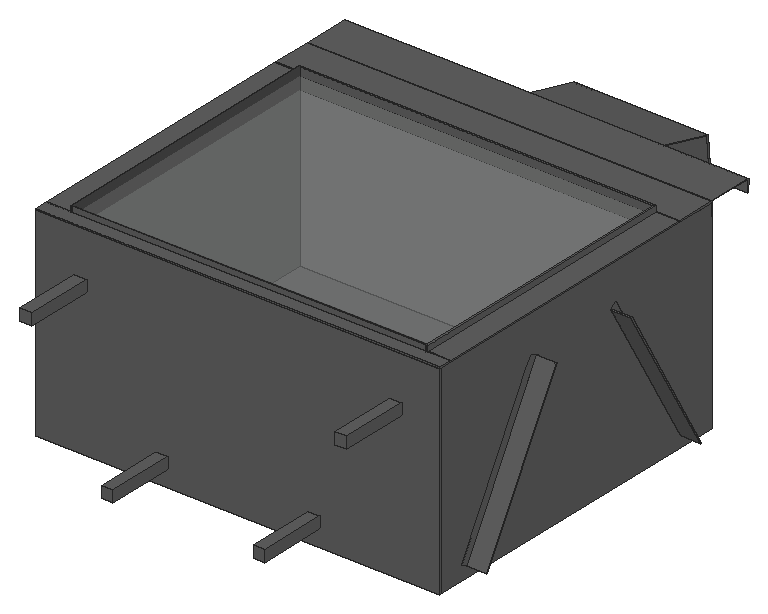
Revit family "HVAC_Ortal_Fireplace_Wilderness_Traditional2", category Specialty Equipment, host Face, Revit 2019
Family settings
  Host = Face
  Round Connector Dimension = Use Diameter
  Part Type = Normal
  OmniClass Number = 23.40.20.34.14
  OmniClass Title = Fireplaces
  Cut with Voids When Loaded = Yes
  Shared = No
  Room Calculation Point = No
Parameters (values of type "Wilderness Traditional 42" - Double Glass")
  z_Vent Depth = 18 1/16"  # constant formula
  z_Top = if([z_42"], 5 1/2", 6")  # 5 1/2"
  z_Screen = not(z_Double Glass)  # no
  z_HB Depth = 1"  # constant formula
  z_Glass Depth = 2 1/2"  # constant formula
  z_Gas Type 2 = Gas : Propane
  z_Gas Type 1 = Gas : Natural Gas
  z_Front Leg Offset = if([z_42"], 4 41/64", 5 25/64")  # 4 41/64"
  z_Frame Thickness = 0.15748"  # constant formula
  z_Double Glass = yes
  z_Bottom = if(z_Double Glass, 9 13/16", 1 5/8")  # 9 13/16"
  z_Back Leg Offset = if([z_42"], 14 3/8", 11 1/32")  # 14 3/8"
  z_42" = not([z_36"])  # yes
  z_36" = no
  Width = if([z_42"], 53 5/16", 45 13/16")  # 53 5/16"
  WiFi Control [instance] = no
  Weight = if(z_Double Glass, (if([z_42"], 357.00 lbf, 306.00 lbf)), if(z_Screen, (if([z_42"], 337.00 lbf, 306.00 lbf)), 0.00 lbf))  # 357.00 lbf
  Wall Switch Control [instance] = no
  Voltage = 120 V
  Viewing Area Width = if([z_42"], 42 11/16", 35 7/16")  # 42 11/16"
  Viewing Area Height = if([z_42"], 34 1/8", 31 5/8")  # 34 1/8"
  Vent = "5x8 co-axial direct vent pipe (5” interior, 8” exterior)"  # constant formula
  URL = "https://www.ortalheat.com/fireplaces/wilderness?hsLang=en"
  Total Heating Capacity = if(Gas Type = z_Gas Type 1, (if([z_42"], 32163.0 Btu/h, 32163.0 Btu/h)), if(Gas Type = z_Gas Type 2, (if([z_42"], 31400.0 Btu/h, 31400.0 Btu/h)), 0.0 Btu/h))  # 32163.0 Btu/h
  Remote Control [instance] = yes
  Product data url = "https://www.bimobject.com/ortal/product/fireplaces_wilderness-traditional-42"
  Product Material = Ortal - Stainless Steel - Black
  Product Guid = "7d60c6c6-2028-4fca-8733-d36870c23f6c"
  Power Factor = 0.8
  Number of Poles = 3
  Model = "Wilderness Traditional 42\" - Double Glass"
  Manufacturer = "Ortal"  # constant formula
  Keynote = "15500"
  Interior Material [instance] = Ortal - Panel - Black Reflective Glass
  Height = if(z_Double Glass, (if([z_42"], 54 1/4", 51 3/4")), (if([z_42"], 46 1/8", 43 5/8")))  # 54 1/4"
  Gas Type = Gas : Natural Gas
  Gas Inlet Diameter = 1/2"
  Gas Flow = 0 GPM
  Frequency = 60 Hz
  Efficiency = if(Gas Type = z_Gas Type 1, (if([z_42"], "81.4%", "79.7%")), if(Gas Type = z_Gas Type 2, (if([z_42"], "80.2%", "79.8%")), "0%"))  # "81.4%"
  Edition number = 1
  Description = " Wilderness Type Traditional Fireplace"  # constant formula
  Depth = 27 1/2"  # constant formula
  Default Elevation = 0"
  Current = 15 A
  Certification = "ANSI Z21.88/CSA 2.33-2019"  # constant formula
  Apparent Load = (Current * Voltage) / (Power Factor * Number of Poles)  # 750 VA
  12" Clearance To Non-Combustible [instance] = no
  16" Clearance To Combustible [instance] = no
  Assembly Code = "E1090400"
Types (5): name | z_Top | z_Screen | z_Front Leg Offset | z_Double Glass | z_Bottom | z_Back Leg Offset | z_42" | z_36" | Width | Weight | Viewing Area Width | Viewing Area Height | Product data url | Product Guid | Model | Height | Efficiency
  (no name) | 5 1/2" | no | 4 41/64" | yes | 9 13/16" | 14 3/8" | yes | no | 53 5/16" | 357.00 lbf | 42 11/16" | 34 1/8" | "https://www.bimobject.com/ortal/product/fireplaces_wilderness-traditional-42" | "7d60c6c6-2028-4fca-8733-d36870c23f6c" | "Wilderness Traditional 42\" - Double Glass" | 54 1/4" | "81.4%"
  Wilderness Traditional 36" - Double Glass | 6" | no | 5 25/64" | yes | 9 13/16" | 11 1/32" | no | yes | 45 13/16" | 306.00 lbf | 35 7/16" | 31 5/8" | "https://www.bimobject.com/ortal/product/fireplaces_wilderness-traditional-36" | "41f85e15-86c4-4da1-b3b9-b7d5860bb208" | "Wilderness Traditional 36\" - Double Glass" | 51 3/4" | "79.7%"
  Wilderness Traditional 36" - Screen | 6" | yes | 5 25/64" | no | 1 5/8" | 11 1/32" | no | yes | 45 13/16" | 306.00 lbf | 35 7/16" | 31 5/8" | "https://www.bimobject.com/ortal/product/fireplaces_wilderness-traditional-36" | "41f85e15-86c4-4da1-b3b9-b7d5860bb208" | "Wilderness Traditional 36\" - Screen" | 43 5/8" | "79.7%"
  Wilderness Traditional 42" - Double Glass | 5 1/2" | no | 4 41/64" | yes | 9 13/16" | 14 3/8" | yes | no | 53 5/16" | 357.00 lbf | 42 11/16" | 34 1/8" | "https://www.bimobject.com/ortal/product/fireplaces_wilderness-traditional-42" | "7d60c6c6-2028-4fca-8733-d36870c23f6c" | "Wilderness Traditional 42\" - Double Glass" | 54 1/4" | "81.4%"
  Wilderness Traditional 42" - Screen | 5 1/2" | yes | 4 41/64" | no | 1 5/8" | 14 3/8" | yes | no | 53 5/16" | 337.00 lbf | 42 11/16" | 34 1/8" | "https://www.bimobject.com/ortal/product/fireplaces_wilderness-traditional-42" | "7d60c6c6-2028-4fca-8733-d36870c23f6c" | "Wilderness Traditional 42\" - Screen" | 46 1/8" | "81.4%"
Reference planes (in)
  plane 1 "Center (Front/Back)": y = 0
  plane 2: z = 0
  plane 3 "Center (Left/Right)": x = 0
  plane 4: y = 43.9375
  plane 5: x = -21.34375
  plane 6: x = 21.34375
  plane 7: y = 9.8125
  plane 8: y = 8.34375
  plane 9: x = -24.15625
  plane 10: x = 24.15625
  plane 11: z = -0.7874
  plane 12: z = -27.5
  plane 13: z = -25
  plane 14: y = 54.25
  plane 15: z = -24.84252
  plane 16: x = -26.65625
  plane 17: x = 26.65625
  plane 18: z = -0.62992
  plane 19 "Top": y = 48.75
  plane 20: z = -18.0625
  plane 21 "Heat Barrier": z = -1
  plane 22 "Glass": z = -2.5
  plane 23: z = -13.75
  plane 24: z = -8.95312
Forms (in)
  Extrusion 1, solid, material "Ortal - Stainless Steel - Black" <- "Product Material"
    sketch origin (0, 0, 0) x (1, 0, 0) y (0, 1, 0)
      loop
        line (-23.99877, 48.75) -> (-23.99877, 48.59252) -> (23.99877, 48.59252) -> (23.99877, 48.75) -> (-23.99877, 48.75)
    from -25 to -0.7874
  Extrusion 2, solid, material "Ortal - Stainless Steel - Black" <- "Product Material"
    sketch origin (0, 0, 0) x (1, 0, 0) y (0, 1, 0)
      loop
        line (-24.15625, 8.34375) -> (-24.15625, 8.18627) -> (24.15625, 8.18627) -> (24.15625, 8.34375) -> (-24.15625, 8.34375)
    from -25 to -0.7874
  Extrusion 3, solid, material "Ortal - Stainless Steel - Black" <- "Product Material"
    sketch origin (0, 0, 0) x (1, 0, 0) y (0, 1, 0)
      loop
        line (-24.15625, 48.75) -> (-24.15625, 8.34375) -> (-23.99877, 8.34375) -> (-23.99877, 48.75) -> (-24.15625, 48.75)
    from -25 to -0.7874
  Extrusion 4, solid, material "Ortal - Stainless Steel - Black" <- "Product Material"
    sketch origin (0, 0, 0) x (-1, 0, 0) y (0, -1, 0)
      loop
        line (-24.15625, -48.75) -> (-23.99877, -48.75) -> (-23.99877, -8.34375) -> (-24.15625, -8.34375) -> (-24.15625, -48.75)
    from -25 to -0.7874
  Extrusion 5, solid, material "Ortal - Stainless Steel - Black" <- "Product Material"
    sketch origin (0, 0, 0) x (1, 0, 0) y (0, 1, 0)
      loop
        line (-21.34375, 43.9375) -> (-21.34375, 9.8125) -> (-21.18627, 9.8125) -> (-21.18627, 43.9375) -> (-21.34375, 43.9375)
    from -24.84252 to 0
  Extrusion 6, solid, material "Ortal - Stainless Steel - Black" <- "Product Material"
    sketch origin (0, 0, 0) x (-1, 0, 0) y (0, -1, 0)
      loop
        line (-21.34375, -43.9375) -> (-21.18627, -43.9375) -> (-21.18627, -9.8125) -> (-21.34375, -9.8125) -> (-21.34375, -43.9375)
    from -24.84252 to 0
  Extrusion 7, solid, material "Ortal - Stainless Steel - Black" <- "Product Material"
    sketch origin (0, 0, 0) x (1, 0, 0) y (0, 1, 0)
      loop
        line (-21.18627, 9.8125) -> (21.18627, 9.8125) -> (21.18627, 9.96998) -> (-21.18627, 9.96998) -> (-21.18627, 9.8125)
    from -24.84252 to 0
  Extrusion 8, solid, material "Ortal - Stainless Steel - Black" <- "Product Material"
    sketch origin (0, 0, 0) x (1, 0, 0) y (0, 1, 0)
      loop
        line (-21.18627, 43.9375) -> (-21.18627, 43.85876) -> (21.18627, 43.85876) -> (21.18627, 43.9375) -> (-21.18627, 43.9375)
    from -24.84252 to 0
  Extrusion 9, solid, material "Ortal - Stainless Steel - Black" <- "Product Material"
    sketch origin (0, 0, 0) x (1, 0, 0) y (0, 0, 1)
      loop
        line (-24.15625, -0.7874) -> (24.15625, -0.7874) -> (24.15625, -0.62992) -> (-24.15625, -0.62992) -> (-24.15625, -0.7874)
    from -48.75 to -43.9375
  Extrusion 10, solid, material "Ortal - Stainless Steel - Black" <- "Product Material", detail levels medium+fine
    sketch origin (0, 0, 0) x (0, 1, 0) y (0, 0, 1)
      loop
        line (54.25, -0.62992) -> (48.75, -0.62992) -> (48.75, -2.20472) -> (48.8125, -2.20472) -> (48.8125, -0.66929) -> (54.21063, -0.66929) -> (54.21063, -2.14567) -> (54.25, -2.14567) -> (54.25, -0.62992)
    from -24.15625 to 24.15625
  Extrusion 11, solid, material "Ortal - Stainless Steel - Black" <- "Product Material"
    sketch origin (0, 0, 0) x (1, 0, 0) y (0, 1, 0)
      loop
        line (-24.15625, 9.8125) -> (-24.15625, 8.18627) -> (24.15625, 8.18627) -> (24.15625, 9.8125) -> (-24.15625, 9.8125)
    from -0.7874 to -0.62992
  Extrusion 12, solid, material "Ortal - Stainless Steel - Black" <- "Product Material"
    sketch origin (0, 0, 0) x (1, 0, 0) y (0, 0, 1)
      loop
        line (-24.15625, -0.62992) -> (-24.15625, -0.7874) -> (-21.34375, -0.7874) -> (-21.34375, -0.62992) -> (-24.15625, -0.62992)
    from -43.9375 to -9.8125
  Extrusion 13, solid, material "Ortal - Stainless Steel - Black" <- "Product Material"
    sketch origin (0, 0, 0) x (-1, 0, 0) y (0, 0, -1)
      loop
        line (-24.15625, 0.62992) -> (-21.34375, 0.62992) -> (-21.34375, 0.7874) -> (-24.15625, 0.7874) -> (-24.15625, 0.62992)
    from -43.9375 to -9.8125
  Extrusion 14, solid, material "Ortal - Stainless Steel - Black" <- "Product Material"
    sketch origin (0, 0, 0) x (1, 0, 0) y (0, 0, 1)
      loop
        line (-23.99877, -24.84252) -> (-23.99877, -25) -> (23.99877, -25) -> (23.99877, -24.84252) -> (-23.99877, -24.84252)
    from -48.75 to -8.34375
  Sweep 15, solid, material "Ortal - Stainless Steel - Black" <- "Product Material", detail levels medium+fine
    path origin (-23.53208, -180, -18.0625) x (-1, 0, 0) y (0, -1, 0)
      loop
        line (-23.53208, -228.75) -> (-23.53208, -229.1875)
    profile origin (0, 48.96875, -18.0625) x (-1, 0, 0) y (0, 0, 1)
      loop
        circle (0, 0) r 3.93701
      loop
        circle (0, 0) r 3.89764
  Sweep 16, solid, material "Ortal - Stainless Steel - Black" <- "Product Material", detail levels medium+fine
    path origin (-23.53208, -180, -18.0625) x (-1, 0, 0) y (0, -1, 0)
      loop
        line (-23.53208, -228.75) -> (-23.53208, -229.625)
    profile origin (0, 49.1875, -18.0625) x (-1, 0, 0) y (0, 0, 1)
      loop
        circle (0, 0) r 2.59843
      loop
        circle (0, 0) r 2.55906
  Extrusion 17, solid, material "Ortal - Stainless Steel - Black" <- "Product Material", detail levels fine
    sketch origin (0, 0, 0) x (0, 1, 0) y (0, 0, 1)
      loop
        line (68.30196, -7.85775) -> (68.59731, -11.2336) -> (60.93657, -11.90383) -> (60.94172, -11.96266) -> (68.66128, -11.28728) -> (68.35718, -7.81141) -> (48.875, -2.59117) -> (48.875, -1.15371) -> (48.8125, -1.15371) -> (48.8125, -2.63556) -> (68.30196, -7.85775)
    from -8 to 8
  Extrusion 18, solid, material "Ortal - Glass - Clear"
    sketch origin (0, 0, 0) x (1, 0, 0) y (0, 0, 1)
      loop
        line (-21.18627, -2.5) -> (-21.18627, -2.57874) -> (21.18627, -2.57874) -> (21.18627, -2.5) -> (-21.18627, -2.5)
    from -43.9375 to -9.8125
  Extrusion 19, solid, material "Ortal - Glass - Clear", visible <- "z_Double Glass"
    sketch origin (0, 0, 0) x (1, 0, 0) y (0, 0, 1)
      loop
        line (-21.18627, -1) -> (-21.18627, -1.07874) -> (21.18627, -1.07874) -> (21.18627, -1) -> (-21.18627, -1)
    from -43.9375 to -9.8125
  Extrusion 20, solid, material "Ortal - Metal - Mesh", visible <- "z_Screen"
    sketch origin (0, 0, 0) x (1, 0, 0) y (0, 0, 1)
      loop
        line (-21.18627, -1) -> (-21.18627, -1.03937) -> (21.18627, -1.03937) -> (21.18627, -1) -> (-21.18627, -1)
    from -43.9375 to -9.8125
  Sweep 21, solid, material "Ortal - Stainless Steel - Black" <- "Product Material", visible <- "z_Double Glass"
    path origin (-3.14961, -180, -13.75) x (-1, 0, 0) y (0, -1, 0)
      loop
        line (-3.14961, -180) -> (-3.14961, -188.34375)
    profile origin (0, 4.17187, -13.75) x (-1, 0, 0) y (0, 0, 1)
      loop
        line (9.78125, -7.87205) -> (8.4033, -7.87205) -> (8.4033, -9.25) -> (9.78125, -9.25) -> (9.78125, -7.87205)
      loop
        line (19.51562, 6.30955) -> (19.51562, 7.6875) -> (18.13767, 7.6875) -> (18.13767, 6.30955) -> (19.51562, 6.30955)
      loop
        line (-9.78125, -7.87205) -> (-9.78125, -9.25) -> (-8.4033, -9.25) -> (-8.4033, -7.87205) -> (-9.78125, -7.87205)
      loop
        line (-19.51563, 6.30955) -> (-18.13767, 6.30955) -> (-18.13767, 7.6875) -> (-19.51563, 7.6875) -> (-19.51563, 6.30955)
  Extrusion 22, solid, material "Ortal - Stainless Steel - Black" <- "Product Material"
    sketch origin (0, 0, 0) x (0, 1, 0) y (0, 0, 1)
      loop
        line (43.85876, -21.5) -> (43.85876, -21.34252) -> (9.96998, -21.34252) -> (9.96998, -21.5) -> (43.85876, -21.5)
    from -21.34375 to 21.34375
  Extrusion 23, void
    sketch origin (0, 0, 0) x (1, 0, 0) y (0, 0, 1)
      loop
        line (-26.65625, -0.62992) -> (-26.65625, -27.5) -> (26.65625, -27.5) -> (26.65625, -0.62992) -> (-26.65625, -0.62992)
    from -54.25 to 0
  Extrusion 24, void
    sketch origin (0, 0, 0) x (1, 0, 0) y (0, 0, 1)
      loop
        line (-21.34375, 0) -> (-21.34375, -0.62992) -> (21.34375, -0.62992) -> (21.34375, 0) -> (-21.34375, 0)
    from -43.9375 to -9.8125
  Extrusion 25, solid, material "Clearance", visible <- "12" Clearance To Non-Combustible"
    sketch origin (0, 0, 0) x (1, 0, 0) y (0, 0, 1)
      loop
        line (-21.34375, 11) -> (-21.34375, -1) -> (21.34375, -1) -> (21.34375, 11) -> (-21.34375, 11)
    from -43.9375 to -9.8125
  Extrusion 26, solid, material "Clearance", visible <- "16" Clearance To Combustible"
    sketch origin (0, 0, 0) x (1, 0, 0) y (0, 0, 1)
      loop
        line (-21.34375, 15) -> (-21.34375, -1) -> (21.34375, -1) -> (21.34375, 15) -> (-21.34375, 15)
    from -43.9375 to -9.8125
  Sweep 27, solid, material "Ortal - Stainless Steel - Black" <- "Product Material"
    path origin (-24.15625, -3.77249, 48) x (0, -1, 0) y (0, 0, 1)
      loop
        line (-14.99124, -54.5625) -> (-14.99124, -69.76562)
    profile origin (-24.15625, 11.21875, -14.16406) x (-1, 0, 0) y (0, -1, 0)
      loop
        line (0, 0) -> (0, -13.21875) -> (1.8125, -13.21875) -> (1.8125, 0) -> (0, 0)
  Sweep 28, solid, material "Ortal - Stainless Steel - Black" <- "Product Material", visible <- "z_42"", detail levels medium+fine
    path origin (-24.15625, -3.77249, 48) x (0, -1, 0) y (0, 0, 1)
      loop
        line (-47.80374, -71.65625) -> (-37.38066, -53.60295)
    profile "Clearance Profile : Clearance Profile" origin (-24.15625, 38.81971, -14.6296) x (0, 0.866025, 0.5) y (-1, 0, 0)
      loop
        line (0, 0) -> (0.90551, 0) -> (0.90551, 0.03937) -> (0.03937, 0.03937) -> (0.03937, 2.5) -> (0, 2.5) -> (0, 0)
  Sweep 29, solid, material "Ortal - Stainless Steel - Black" <- "Product Material", visible <- "z_42"", detail levels medium+fine
    path origin (24.15625, 40.68536, 48) x (0, 1, 0) y (0, 0, 1)
      loop
        line (3.34589, -71.65625) -> (-7.07719, -53.60295)
    profile "Clearance Profile : Clearance Profile" origin (24.15625, 38.81971, -14.6296) x (0, -0.866025, -0.5) y (1, 0, 0)
      loop
        line (0, 0) -> (0, 2.5) -> (-0.03937, 2.5) -> (-0.03937, 0.03937) -> (-0.90551, 0.03937) -> (-0.90551, 0) -> (0, 0)
  Sweep 30, solid, material "Ortal - Stainless Steel - Black" <- "Product Material", visible <- "z_42"", detail levels medium+fine
    path origin (24.15625, 40.68536, 48) x (0, 1, 0) y (0, 0, 1)
      loop
        line (-28.60723, -71.65625) -> (-18.17755, -53.5915)
    profile "Clearance Profile : Clearance Profile" origin (24.15625, 17.29297, -14.62388) x (0, -0.866025, 0.5) y (1, 0, 0)
      loop
        line (0, 0) -> (0.90551, 0) -> (0.90551, 0.03937) -> (0.03937, 0.03937) -> (0.03937, 2.5) -> (0, 2.5) -> (0, 0)
  Sweep 31, solid, material "Ortal - Stainless Steel - Black" <- "Product Material", visible <- "z_42"", detail levels medium+fine
    path origin (-19.30566, -180, -25) x (-1, 0, 0) y (0, -1, 0)
      loop
        line (0.13184, -225.01562) -> (-17.93291, -214.58594)
    profile "Clearance Profile : Clearance Profile" origin (-10.40513, 39.80078, -25) x (0.5, 0.866025, 0) y (0, 0, 1)
      loop
        line (0, 0) -> (-0.90551, 0) -> (-0.90551, -0.03937) -> (-0.03937, -0.03937) -> (-0.03937, -2.5) -> (0, -2.5) -> (0, 0)
  Sweep 32, solid, material "Ortal - Stainless Steel - Black" <- "Product Material", visible <- "z_42"", detail levels medium+fine
    path origin (19.30566, -180, -25) x (1, 0, 0) y (0, 1, 0)
      loop
        line (0.13184, 225.01562) -> (-17.93291, 214.58594)
    profile "Clearance Profile : Clearance Profile" origin (10.40513, 39.80078, -25) x (0.5, -0.866025, 0) y (0, 0, 1)
      loop
        line (0, 0) -> (0, -2.5) -> (0.03937, -2.5) -> (0.03937, -0.03937) -> (0.90551, -0.03937) -> (0.90551, 0) -> (0, 0)
  Sweep 33, solid, material "Ortal - Stainless Steel - Black" <- "Product Material", visible <- "z_42"", detail levels medium+fine
    path origin (-19.30566, 237.09375, -25) x (-1, 0, 0) y (0, -1, 0)
      loop
        line (0.13184, 225.01562) -> (-17.93291, 214.58594)
    profile "Clearance Profile : Clearance Profile" origin (-10.40513, 17.29297, -25) x (-0.5, 0.866025, 0) y (0, 0, 1)
      loop
        line (0, 0) -> (0, -2.5) -> (0.03937, -2.5) -> (0.03937, -0.03937) -> (0.90551, -0.03937) -> (0.90551, 0) -> (0, 0)
  Sweep 34, solid, material "Ortal - Stainless Steel - Black" <- "Product Material", visible <- "z_42"", detail levels medium+fine
    path origin (19.30566, 237.09375, -25) x (1, 0, 0) y (0, 1, 0)
      loop
        line (0.13184, -225.01562) -> (-17.93291, -214.58594)
    profile "Clearance Profile : Clearance Profile" origin (10.40513, 17.29297, -25) x (-0.5, -0.866025, 0) y (0, 0, 1)
      loop
        line (0, 0) -> (-0.90551, 0) -> (-0.90551, -0.03937) -> (-0.03937, -0.03937) -> (-0.03937, -2.5) -> (0, -2.5) -> (0, 0)
  Sweep 35, solid, material "Ortal - Stainless Steel - Black" <- "Product Material", visible <- "z_36"", detail levels medium+fine
    path origin (-24.15625, -3.77249, 48) x (0, -1, 0) y (0, 0, 1)
      loop
        line (-47.99124, -52.84867) -> (-40.85691, -72.45007)
    profile "Clearance Profile : Clearance Profile" origin (-24.15625, 40.65159, -14.64937) x (0, -0.939693, 0.34202) y (-1, 0, 0)
      loop
        line (0, 0) -> (0.90551, 0) -> (0.90551, 0.03937) -> (0.03937, 0.03937) -> (0.03937, 2.5) -> (0, 2.5) -> (0, 0)
  Sweep 36, solid, material "Ortal - Stainless Steel - Black" <- "Product Material", visible <- "z_36"", detail levels medium+fine
    path origin (24.15625, 40.68536, 48) x (0, 1, 0) y (0, 0, 1)
      loop
        line (3.53339, -52.84867) -> (-3.60094, -72.45007)
    profile "Clearance Profile : Clearance Profile" origin (24.15625, 40.65159, -14.64937) x (0, 0.939693, -0.34202) y (1, 0, 0)
      loop
        line (0, 0) -> (0, 2.5) -> (-0.03937, 2.5) -> (-0.03937, 0.03937) -> (-0.90551, 0.03937) -> (-0.90551, 0) -> (0, 0)
  Sweep 37, solid, material "Ortal - Stainless Steel - Black" <- "Product Material", visible <- "z_36"", detail levels medium+fine
    path origin (24.15625, 13.40839, 48) x (0, -1, 0) y (0, 0, -1)
      loop
        line (-1.04473, 52.84867) -> (-8.17906, 72.45007)
    profile "Clearance Profile : Clearance Profile" origin (24.15625, 18.02029, -14.64937) x (0, 0.939693, 0.34202) y (1, 0, 0)
      loop
        line (0, 0) -> (0.90551, 0) -> (0.90551, 0.03937) -> (0.03937, 0.03937) -> (0.03937, 2.5) -> (0, 2.5) -> (0, 0)
  Sweep 38, solid, material "Ortal - Stainless Steel - Black" <- "Product Material", visible <- "z_36"", detail levels medium+fine
    path origin (-19.30566, -180, -25) x (-1, 0, 0) y (0, -1, 0)
      loop
        line (-9.79785, -224.53125) -> (0.63184, -206.4665)
    profile "Clearance Profile : Clearance Profile" origin (-14.72266, 35.49888, -25) x (0.866025, -0.5, 0) y (0, 0, 1)
      loop
        line (0, 0) -> (-0.90551, 0) -> (-0.90551, -0.03937) -> (-0.03937, -0.03937) -> (-0.03937, -2.5) -> (0, -2.5) -> (0, 0)
  Sweep 39, solid, material "Ortal - Stainless Steel - Black" <- "Product Material", visible <- "z_36"", detail levels medium+fine
    path origin (19.30566, -180, -25) x (1, 0, 0) y (0, 1, 0)
      loop
        line (-9.79785, 224.53125) -> (0.63184, 206.4665)
    profile "Clearance Profile : Clearance Profile" origin (14.72266, 35.49888, -25) x (0.866025, 0.5, 0) y (0, 0, 1)
      loop
        line (0, 0) -> (0, -2.5) -> (0.03937, -2.5) -> (0.03937, -0.03937) -> (0.90551, -0.03937) -> (0.90551, 0) -> (0, 0)
  Sweep 40, solid, material "Ortal - Stainless Steel - Black" <- "Product Material", visible <- "z_36"", detail levels medium+fine
    path origin (-19.30566, -191, -25) x (-1, 0, 0) y (0, -1, 0)
      loop
        line (-14.23535, -219.76787) -> (-3.80566, -201.70312)
    profile "Clearance Profile : Clearance Profile" origin (-10.28516, 19.7355, -25) x (0.866025, -0.5, 0) y (0, 0, 1)
      loop
        line (0, 0) -> (-0.90551, 0) -> (-0.90551, -0.03937) -> (-0.03937, -0.03937) -> (-0.03937, -2.5) -> (0, -2.5) -> (0, 0)
  Sweep 41, solid, material "Ortal - Stainless Steel - Black" <- "Product Material", visible <- "z_36"", detail levels medium+fine
    path origin (19.30566, -191, -25) x (1, 0, 0) y (0, 1, 0)
      loop
        line (-14.23535, 219.76787) -> (-3.80566, 201.70312)
    profile "Clearance Profile : Clearance Profile" origin (10.28516, 19.7355, -25) x (0.866025, 0.5, 0) y (0, 0, 1)
      loop
        line (0, 0) -> (0, -2.5) -> (0.03937, -2.5) -> (0.03937, -0.03937) -> (0.90551, -0.03937) -> (0.90551, 0) -> (0, 0)
  Sweep 42, solid, material "Ortal - Stainless Steel - Black" <- "Product Material"
    path origin (-24.15625, -3.77249, 48) x (0, -1, 0) y (0, 0, 1)
      loop
        line (-14.99124, -54.95312) -> (-14.99124, -58.95312)
    profile origin (-24.15625, 11.21875, -8.95313) x (-1, 0, 0) y (0, -1, 0)
      loop
        line (1.8125, -0.39062) -> (1.8125, -5.39062) -> (1.85938, -5.39062) -> (1.85937, -0.39062) -> (1.8125, -0.39062)
  Sweep 43, solid, material "Ortal - Stainless Steel - Black" <- "Product Material"
    path origin (0, 0, 0) x (1, 0, 0) y (0, 0, 1)
      loop
        line (-25.96875, -8.95312) -> (-26.03125, -8.95312)
    profile origin (-26, 0, -8.95312) x (0, 0, -1) y (0, -1, 0)
      loop
        circle (0, -20.34375) r 0.25
Lines and regions (in)
  Masking region 1
    outline origin (0, 0, 0) x (1, 0, 0) y (0, 0, 1)
      loop
        line (24.15625, -0.62992) -> (-24.15625, -0.62992) -> (-24.15625, -25) -> (24.15625, -25) -> (24.15625, -0.62992)
  Masking region 2
    outline origin (0, 0, 0) x (1, 0, 0) y (0, 0, 1)
      loop
        line (21.34375, 0) -> (-21.34375, 0) -> (-21.34375, -0.62992) -> (21.34375, -0.62992) -> (21.34375, 0)
  Masking region 3, detail levels medium+fine
    outline origin (0, 0, 0) x (1, 0, 0) y (0, 0, 1)
      loop
        line (24.15625, -0.62992) -> (-24.15625, -0.62992) -> (-24.15625, -2.20472) -> (24.15625, -2.20472) -> (24.15625, -0.62992)
  Masking region 4, detail levels medium+fine
    outline origin (0, 0, 0) x (1, 0, 0) y (0, 0, 1)
      loop
        circle (0, -18.0625) r 3.93701
  Masking region 5, detail levels medium+fine
    outline origin (0, 0, 0) x (1, 0, 0) y (0, 0, 1)
      loop
        circle (0, -18.0625) r 2.55906
  Masking region 6, detail levels fine
    outline origin (0, 0, 0) x (1, 0, 0) y (0, 0, 1)
      loop
        line (-8, -2.20472) -> (-8, -7.85775) -> (8, -7.85775) -> (8, -2.20472) -> (-8, -2.20472)
  Masking region 7, detail levels fine
    outline origin (0, 0, 0) x (1, 0, 0) y (0, 0, 1)
      loop
        line (-8, -7.85775) -> (-8, -11.28728) -> (8, -11.28728) -> (8, -7.85775) -> (-8, -7.85775)
  Masking region 8, detail levels fine
    outline origin (0, 0, 0) x (1, 0, 0) y (0, 0, 1)
      loop
        line (-8, -11.28728) -> (-8, -11.96266) -> (8, -11.96266) -> (8, -11.28728) -> (-8, -11.28728)
  Masking region 9, visible <- "z_42"", detail levels medium+fine
    outline origin (0, 0, 0) x (1, 0, 0) y (0, 0, 1)
      loop
        line (-26.65625, -5.58327) -> (-26.65625, -23.65625) -> (-24.15625, -23.65625) -> (-24.15625, -5.58327) -> (-26.65625, -5.58327)
      loop
        line (26.65625, -5.58327) -> (24.15625, -5.58327) -> (24.15625, -23.65625) -> (26.65625, -23.65625) -> (26.65625, -5.58327)
  Masking region 10, visible <- "z_42"", detail levels medium+fine
    outline origin (0, 0, 0) x (1, 0, 0) y (0, 0, 1)
      loop
        line (-19.45719, -27.5) -> (-1.37275, -27.5) -> (-1.37275, -25) -> (-19.45719, -25) -> (-19.45719, -27.5)
      loop
        line (19.45719, -27.5) -> (19.45719, -25) -> (1.37275, -25) -> (1.37275, -27.5) -> (19.45719, -27.5)
  Masking region 11, visible <- "z_36"", detail levels medium+fine
    outline origin (0, 0, 0) x (1, 0, 0) y (0, 0, 1)
      loop
        line (26.65625, -24.43661) -> (26.65625, -4.84867) -> (24.15625, -4.84867) -> (24.15625, -24.43661) -> (26.65625, -24.43661)
      loop
        line (-26.65625, -24.43661) -> (-24.15625, -24.43661) -> (-24.15625, -4.84867) -> (-26.65625, -4.84867) -> (-26.65625, -24.43661)
  Masking region 12, visible <- "z_36"", detail levels medium+fine
    outline origin (0, 0, 0) x (1, 0, 0) y (0, 0, 1)
      loop
        line (16.2216, -27.5) -> (16.2216, -25) -> (5.75781, -25) -> (5.75781, -27.5) -> (16.2216, -27.5)
      loop
        line (-16.2216, -27.5) -> (-5.75781, -27.5) -> (-5.75781, -25) -> (-16.2216, -25) -> (-16.2216, -27.5)
  Masking region 13, visible <- "z_36"", detail levels medium+fine
    outline origin (0, 0, 0) x (1, 0, 0) y (0, 0, 1)
      loop
        line (5.75781, -25) -> (1.32031, -25) -> (1.32031, -27.5) -> (5.75781, -27.5) -> (5.75781, -25)
      loop
        line (-5.75781, -25) -> (-5.75781, -27.5) -> (-1.32031, -27.5) -> (-1.32031, -25) -> (-5.75781, -25)
  symbolic lines, style "SpecialityEquipmentHiddenLines", visible <- "12" Clearance To Non-Combustible"
    curve 1: line (-21.34375, 0, -1) -> (-21.34375, 0, 11)
    curve 2: line (-21.34375, 0, 11) -> (21.34375, 0, 11)
    curve 3: line (21.34375, 0, 11) -> (21.34375, 0, -1)
  symbolic lines, style "SpecialityEquipmentHiddenLines", visible <- "16" Clearance To Combustible"
    curve 4: line (-21.34375, 0, -1) -> (-21.34375, 0, 15)
    curve 5: line (-21.34375, 0, 15) -> (21.34375, 0, 15)
    curve 6: line (21.34375, 0, 15) -> (21.34375, 0, -1)
Dimensions and locks (in)
  equal spacing: plane 5, plane 3 "Center (Left/Right)", plane 6
  "Viewing Area Width": plane 5 to plane 6
  "Viewing Area Height": plane 4 to plane 7
  "z_Bottom": plane 7 to plane 1 "Center (Front/Back)"
  "z_Frame Thickness": Extrusion 1 sketch curve to Extrusion 1 sketch curve
  "Depth": plane 2 to plane 12
  locked: plane 13 to plane 12 at 2.5
  "z_Frame Thickness": plane 8 to Extrusion 2 sketch curve
  "z_Frame Thickness": Extrusion 3 sketch curve to Extrusion 3 sketch curve
  "z_Frame Thickness": Extrusion 4 sketch curve to Extrusion 4 sketch curve
  locked: Extrusion 5 sketch curve to Extrusion 5 sketch curve at 0.15748
  locked: Extrusion 6 sketch curve to Extrusion 6 sketch curve at 0.15748
  locked: plane 5 to Extrusion 7 sketch curve at 0.15748
  locked: Extrusion 7 sketch curve to plane 6 at 0.15748
  Extrusion 7 sketch curve to Extrusion 7 sketch curve = 0.15748"
  locked: plane 15 to plane 13 at 0.15748
  locked: plane 5 to Extrusion 8 sketch curve at 0.15748
  locked: Extrusion 8 sketch curve to plane 6 at 0.15748
  locked: Extrusion 8 sketch curve to Extrusion 8 sketch curve at 0.07874
  locked: plane 16 to plane 9 at 2.5
  locked: plane 10 to plane 17 at 2.5
  equal spacing: plane 16, plane 3 "Center (Left/Right)", plane 17
  "Width": plane 16 to plane 17
  locked: Extrusion 9 sketch curve to plane 11 at 0.15748
  "Height": plane 14 to plane 1 "Center (Front/Back)"
  plane 18 to Extrusion 10 sketch curve to Extrusion 10 sketch curve = 0.03937" locked, 1.47638" locked
  locked: Extrusion 10 sketch curve to plane 14 at 0.03937
  locked: plane 18 to Extrusion 10 sketch curve at 1.5748
  "z_Frame Thickness": Extrusion 1 sketch curve to plane 10
  "z_Frame Thickness": plane 9 to Extrusion 1 sketch curve
  "z_Top": plane 14 to plane 19 "Top"
  locked: plane 18 to plane 11 at 0.15748
  locked: plane 8 to Extrusion 11 sketch curve at 0.15748
  "z_Frame Thickness": plane 9 to Extrusion 14 sketch curve
  "z_Frame Thickness": plane 10 to Extrusion 14 sketch curve
  locked: plane 2 to plane 18 at 0.62992
  "z_Vent Depth": plane 2 to plane 20
  locked: Sweep 15 sketch curve to plane 19 "Top" at 0.4375
  locked: Sweep 16 sketch curve to plane 19 "Top" at 0.875
  Extrusion 17 to plane 3 "Center (Left/Right)" to Extrusion 17 = 8" locked, 8" locked
  "z_HB Depth": plane 2 to plane 21 "Heat Barrier"
  "z_Glass Depth": plane 2 to plane 22 "Glass"
  locked: Extrusion 18 sketch curve to plane 5 at 0.15748
  locked: plane 6 to Extrusion 18 sketch curve at 0.15748
  locked: plane 22 "Glass" to Extrusion 18 sketch curve at 0.07874
  locked: Extrusion 19 sketch curve to plane 5 at 0.15748
  locked: plane 6 to Extrusion 19 sketch curve at 0.15748
  locked: plane 21 "Heat Barrier" to Extrusion 19 sketch curve at 0.07874
  locked: plane 21 "Heat Barrier" to Extrusion 20 sketch curve at 0.03937
  locked: Extrusion 20 sketch curve to plane 5 at 0.15748
  locked: plane 6 to Extrusion 20 sketch curve at 0.15748
  locked: Sweep 21 sketch curve to Sweep 21 sketch curve at 1.37795  (x8)
  locked: Sweep 21 sketch curve to plane 13 at 2  (x2)
  "z_Back Leg Offset": plane 9 to Sweep 21 sketch curve
  "z_Front Leg Offset": plane 9 to Sweep 21 sketch curve
  "z_Back Leg Offset": plane 10 to Sweep 21 sketch curve
  "z_Front Leg Offset": Sweep 21 sketch curve to plane 10
  locked: Masking region 3 sketch curve to plane 18 at 1.5748
  locked: plane 20 to Masking region 4 sketch curve at 0
  locked: plane 3 "Center (Left/Right)" to Masking region 4 sketch curve at 0
  locked: plane 20 to Masking region 5 sketch curve at 0
  locked: plane 3 "Center (Left/Right)" to Masking region 5 sketch curve at 0
  locked: plane 4 to Extrusion 22 sketch curve at 0.07874
  locked: Extrusion 22 sketch curve to plane 7 at 0.15748
  locked: Extrusion 25 sketch curve to plane 21 "Heat Barrier" at 12
  locked: Extrusion 26 sketch curve to plane 21 "Heat Barrier" at 16
  locked: curve 2 to plane 21 "Heat Barrier" at 12
  locked: curve 5 to plane 21 "Heat Barrier" at 16
  "z_Frame Thickness": Extrusion 22 sketch curve to Extrusion 22 sketch curve
  locked: plane 13 to Extrusion 22 sketch curve at 3.5
  equal spacing: plane 2, plane 23, plane 12
  locked: plane 7 to plane 8 at 1.46875
  locked: Extrusion 10 sketch curve to plane 19 "Top" at 0.0625
  locked: Sweep 21 sketch curve to Sweep 21 sketch curve at 16.9375  (x2)
  locked: Sweep 27 sketch curve to plane 13 at 3.23438
  locked: Sweep 27 sketch curve to Sweep 27 sketch curve at 15.20313
  locked: Sweep 27 sketch curve to plane 8 at 2.875
  locked: Sweep 27 sketch curve to plane 7 at 14.625
  locked: Sweep 27 sketch curve to plane 9 at 1.8125
  locked: plane 11 to Extrusion 17 sketch curve at 0.3663
  Extrusion 17 sketch curve to Extrusion 17 sketch curve to Extrusion 17 sketch curve to Extrusion 17 sketch curve to Extrusion 17 sketch curve = 1.43746" locked, 5.22024" locked, 3.47588" locked, 0.67537" locked
  Extrusion 17 sketch curve to Extrusion 17 sketch curve to Extrusion 17 sketch curve to Extrusion 17 sketch curve to plane 19 "Top" = 0.29535" locked, 7.36539" locked, 12.12407" locked, 1/16" locked
  locked: Sweep 28 sketch curve to Sweep 28 sketch curve at 20.84615
  locked: plane 19 "Top" to Sweep 28 sketch curve at 4.71875
  locked: Sweep 28 sketch curve to plane 13 at 1.34375
  locked: Sweep 29 sketch curve to Sweep 29 sketch curve at 20.84615
  locked: Sweep 29 sketch curve to plane 13 at 1.34375
  locked: Sweep 29 sketch curve to plane 19 "Top" at 4.71875
  locked: Sweep 30 sketch curve to Sweep 30 sketch curve at 20.85938
  locked: Sweep 30 sketch curve to plane 13 at 1.34375
  locked: plane 8 to Sweep 30 sketch curve at 3.73438
  locked: Sweep 31 sketch curve to Sweep 31 sketch curve at 20.85938
  locked: plane 19 "Top" to Sweep 31 sketch curve at 3.73438
  locked: plane 9 to Sweep 31 sketch curve at 4.71875
  locked: Sweep 32 sketch curve to Sweep 32 sketch curve at 20.85938
  locked: plane 19 "Top" to Sweep 32 sketch curve at 3.73437
  locked: Sweep 32 sketch curve to plane 10 at 4.71875
  locked: Sweep 33 sketch curve to Sweep 33 sketch curve at 20.85938
  locked: Sweep 33 sketch curve to plane 8 at 3.73437
  locked: plane 9 to Sweep 33 sketch curve at 4.71875
  locked: Sweep 34 sketch curve to Sweep 34 sketch curve at 20.85938
  locked: Sweep 34 sketch curve to plane 10 at 4.71875
  locked: Sweep 34 sketch curve to plane 8 at 3.73437
  locked: Sweep 35 sketch curve to Sweep 35 sketch curve at 20.85938
  locked: plane 18 to Sweep 35 sketch curve at 4.21875
  locked: plane 19 "Top" to Sweep 35 sketch curve at 4.53125
  locked: Sweep 36 sketch curve to Sweep 36 sketch curve at 20.85938
  locked: plane 18 to Sweep 36 sketch curve at 4.21875
  locked: Sweep 36 sketch curve to plane 19 "Top" at 4.53125
  locked: Sweep 37 sketch curve to Sweep 37 sketch curve at 20.85938
  locked: plane 18 to Sweep 37 sketch curve at 4.21875
  locked: plane 8 to Sweep 37 sketch curve at 6.10938
  locked: Sweep 38 sketch curve to Sweep 38 sketch curve at 20.85938
  locked: plane 9 to Sweep 38 sketch curve at 4.21875
  locked: plane 19 "Top" to Sweep 38 sketch curve at 4.21875
  locked: plane 19 "Top" to Sweep 39 sketch curve at 4.21875
  locked: Sweep 39 sketch curve to plane 10 at 4.21875
  locked: Sweep 39 sketch curve to Sweep 39 sketch curve at 20.85938
  locked: Sweep 40 sketch curve to Sweep 40 sketch curve at 20.85938
  locked: Sweep 41 sketch curve to Sweep 41 sketch curve at 20.85938
  locked: Sweep 40 sketch curve to plane 8 at 2.35938
  locked: plane 9 to Sweep 40 sketch curve at 8.65625
  locked: Sweep 41 sketch curve to plane 10 at 8.65625
  locked: Sweep 41 sketch curve to plane 8 at 2.35937
  Masking region 6 sketch curve to plane 3 "Center (Left/Right)" to Masking region 6 sketch curve = 8" locked, 8" locked
  plane 18 to Masking region 6 sketch curve to Masking region 6 sketch curve = 1.5748" locked, 5.65302" locked
  Masking region 7 sketch curve to plane 3 "Center (Left/Right)" to Masking region 7 sketch curve = 8" locked, 8" locked
  plane 18 to Masking region 7 sketch curve to Masking region 7 sketch curve = 7.22783" locked, 3.42954" locked
  Masking region 8 sketch curve to plane 3 "Center (Left/Right)" to Masking region 8 sketch curve = 8" locked, 8" locked
  plane 18 to Masking region 8 sketch curve to Masking region 8 sketch curve = 10.65736" locked, 0.67537" locked
  plane 18 to Masking region 9 sketch curve to Masking region 9 sketch curve = 4.95334" locked, 18.07298" locked  (x2)
  Masking region 10 sketch curve to Masking region 10 sketch curve to plane 3 "Center (Left/Right)" to Masking region 10 sketch curve to Masking region 10 sketch curve = 18.08443" locked, 1.37275" locked, 1.37275" locked, 18.08443" locked
  Masking region 11 sketch curve to Masking region 11 sketch curve to plane 18 = 19.58794" locked, 4 7/32" locked  (x2)
  Masking region 12 sketch curve to Masking region 12 sketch curve to plane 3 "Center (Left/Right)" to Masking region 12 sketch curve to Masking region 12 sketch curve = 10.46378" locked, 5 97/128" locked, 5 97/128" locked, 10.46378" locked
  Masking region 13 sketch curve to Masking region 13 sketch curve to plane 3 "Center (Left/Right)" to Masking region 13 sketch curve to Masking region 13 sketch curve = 4 7/16" locked, 1 41/128" locked, 1 41/128" locked, 4 7/16" locked
  locked: Sweep 42 sketch curve to plane 8 at 2.875
  locked: Sweep 42 sketch curve to profile plane at 0.39062
  locked: Sweep 42 sketch curve to profile plane at 1.8125
  locked: Sweep 42 sketch curve to Sweep 42 sketch curve at 0.04688
  locked: Sweep 42 sketch curve to Sweep 42 sketch curve at 5
  locked: plane 18 to Sweep 42 sketch curve at 6.3232
  locked: Sweep 42 sketch curve to Sweep 42 sketch curve at 4
  locked: Sweep 43 sketch curve to plane 9 at 1.8125
  locked: Sweep 43 sketch curve to Sweep 43 sketch curve at 0.0625
  locked: plane 18 to Sweep 43 sketch curve at 8.3232
  locked: profile plane to Sweep 43 sketch curve at 0
  locked: Sweep 43 sketch curve to plane 8 at 12
  "Gas Inlet Diameter": diameter of Sweep 43 sketch curve
  locked: Sweep 28 sketch curve to plane 19 "Top" (angle 30.00°)
  locked: plane 19 "Top" to Sweep 29 sketch curve (angle 30.00°)
  locked: Sweep 30 sketch curve to plane 8 (angle 30.00°)
  locked: Sweep 31 sketch curve to plane 14 (angle 30.00°)
  locked: plane 19 "Top" to Sweep 32 sketch curve (angle 30.00°)
  locked: plane 7 to Sweep 33 sketch curve (angle 30.00°)
  locked: Sweep 34 sketch curve to plane 7 (angle 30.00°)
  locked: plane 19 "Top" to Sweep 35 sketch curve (angle 20.00°)
  locked: Sweep 36 sketch curve to plane 4 (angle 20.00°)
  locked: plane 7 to Sweep 37 sketch curve (angle 20.00°)
  locked: plane 4 to Sweep 38 sketch curve (angle 60.00°)
  locked: Sweep 39 sketch curve to plane 19 "Top" (angle 60.00°)
  locked: plane 7 to Sweep 40 sketch curve (angle 60.00°)
  locked: Sweep 41 sketch curve to plane 7 (angle 60.00°)
  aligned and locked: plane 2 to host face
  aligned and locked: level to host face
  aligned and locked: plane 11 to Extrusion 1
  aligned and locked: Extrusion 1 to plane 13
  aligned and locked: Extrusion 2 sketch curve to plane 9
  aligned and locked: Extrusion 2 sketch curve to plane 10
  aligned and locked: Extrusion 2 sketch curve to plane 8
  aligned and locked: Extrusion 2 to plane 13
  aligned and locked: Extrusion 3 sketch curve to plane 9
  aligned and locked: plane 11 to Extrusion 3
  aligned and locked: Extrusion 3 to plane 13
  aligned and locked: plane 8 to Extrusion 4 sketch curve
  aligned and locked: plane 10 to Extrusion 4 sketch curve
  aligned and locked: plane 11 to Extrusion 4
  aligned and locked: Extrusion 4 to plane 13
  aligned and locked: plane 7 to Extrusion 5 sketch curve
  aligned and locked: Extrusion 5 sketch curve to plane 4
  aligned and locked: plane 5 to Extrusion 5 sketch curve
  aligned and locked: plane 2 to Extrusion 5
  aligned and locked: plane 4 to Extrusion 6 sketch curve
  aligned and locked: Extrusion 6 sketch curve to plane 7
  aligned and locked: plane 6 to Extrusion 6 sketch curve
  aligned and locked: plane 2 to Extrusion 6
  aligned and locked: plane 2 to Extrusion 7
  aligned and locked: Extrusion 5 to plane 15
  aligned and locked: Extrusion 6 to plane 15
  aligned and locked: Extrusion 7 to plane 15
  aligned and locked: Extrusion 8 sketch curve to plane 4
  aligned and locked: Extrusion 8 to plane 15
  aligned and locked: plane 2 to Extrusion 8
  aligned and locked: Extrusion 9 sketch curve to plane 11
  aligned and locked: plane 9 to Extrusion 9 sketch curve
  aligned and locked: plane 10 to Extrusion 9 sketch curve
  aligned and locked: Extrusion 9 to plane 4
  aligned and locked: plane 11 to Extrusion 2
  aligned and locked: Extrusion 10 sketch curve to plane 18
  aligned and locked: plane 14 to Extrusion 10 sketch curve
  aligned and locked: Extrusion 10 to plane 9
  aligned and locked: plane 10 to Extrusion 10
  aligned and locked: Extrusion 1 sketch curve to plane 19 "Top"
  aligned and locked: Extrusion 11 sketch curve to plane 7
  aligned and locked: Extrusion 11 sketch curve to plane 10
  aligned and locked: Extrusion 11 sketch curve to plane 9
  aligned and locked: Extrusion 11 to plane 11
  aligned and locked: plane 18 to Extrusion 11
  aligned and locked: Extrusion 12 sketch curve to plane 18
  aligned and locked: plane 11 to Extrusion 12 sketch curve
  aligned and locked: Extrusion 12 sketch curve to plane 9
  aligned and locked: Extrusion 12 sketch curve to plane 5
  aligned and locked: plane 4 to Extrusion 12
  aligned and locked: Extrusion 12 to plane 7
  aligned and locked: Extrusion 13 sketch curve to plane 6
  aligned and locked: plane 10 to Extrusion 13 sketch curve
  aligned and locked: plane 18 to Extrusion 13 sketch curve
  aligned and locked: Extrusion 13 sketch curve to plane 11
  aligned and locked: plane 4 to Extrusion 13
  aligned and locked: Extrusion 13 to plane 7
  aligned and locked: Extrusion 14 sketch curve to plane 15
  aligned and locked: plane 13 to Extrusion 14 sketch curve
  aligned and locked: plane 19 "Top" to Extrusion 14
  aligned and locked: Extrusion 14 to plane 8
  aligned and locked: plane 3 "Center (Left/Right)" to Sweep 15 sketch curve
  aligned and locked: plane 19 "Top" to Sweep 15 sketch curve
  aligned and locked: plane 19 "Top" to Sweep 16 sketch curve
  aligned and locked: plane 3 "Center (Left/Right)" to Sweep 16 sketch curve
  aligned and locked: Extrusion 18 sketch curve to plane 22 "Glass"
  aligned and locked: plane 4 to Extrusion 18
  aligned and locked: Extrusion 18 to plane 7
  aligned and locked: Extrusion 19 sketch curve to plane 21 "Heat Barrier"
  aligned and locked: plane 4 to Extrusion 19
  aligned and locked: Extrusion 19 to plane 7
  aligned and locked: Extrusion 20 sketch curve to plane 21 "Heat Barrier"
  aligned and locked: plane 1 "Center (Front/Back)" to Sweep 21 sketch curve
  aligned and locked: plane 8 to Sweep 21 sketch curve
  aligned and locked: plane 3 "Center (Left/Right)" to Sweep 21 sketch curve
  aligned and locked: Masking region 1 sketch curve to plane 18
  aligned and locked: plane 13 to Masking region 1 sketch curve
  aligned and locked: Masking region 1 sketch curve to plane 9
  aligned and locked: Masking region 1 sketch curve to plane 10
  aligned and locked: Masking region 2 sketch curve to plane 6
  aligned and locked: plane 18 to Masking region 2 sketch curve
  aligned and locked: plane 5 to Masking region 2 sketch curve
  aligned and locked: Masking region 2 sketch curve to plane 2
  aligned and locked: Masking region 3 sketch curve to plane 10
  aligned and locked: Masking region 3 sketch curve to plane 9
  aligned and locked: Masking region 3 sketch curve to plane 18
  aligned and locked: Extrusion 22 to plane 5
  aligned and locked: plane 6 to Extrusion 22
  aligned and locked: plane 4 to Extrusion 20
  aligned and locked: plane 16 to Extrusion 23 sketch curve
  aligned and locked: Extrusion 23 sketch curve to plane 17
  aligned and locked: plane 12 to Extrusion 23 sketch curve
  aligned and locked: Extrusion 23 sketch curve to plane 18
  aligned and locked: plane 1 "Center (Front/Back)" to Extrusion 23
  aligned and locked: Extrusion 24 sketch curve to plane 2
  aligned and locked: plane 18 to Extrusion 24 sketch curve
  aligned and locked: Extrusion 24 sketch curve to plane 6
  aligned and locked: plane 5 to Extrusion 24 sketch curve
  aligned and locked: plane 4 to Extrusion 24
  aligned and locked: Extrusion 24 to plane 7
  aligned and locked: plane 14 to Extrusion 23
  aligned and locked: plane 21 "Heat Barrier" to Extrusion 25 sketch curve
  aligned and locked: plane 5 to Extrusion 25 sketch curve
  aligned and locked: Extrusion 25 sketch curve to plane 6
  aligned and locked: plane 4 to Extrusion 25
  aligned and locked: Extrusion 25 to plane 7
  aligned and locked: plane 21 "Heat Barrier" to Extrusion 26 sketch curve
  aligned and locked: plane 5 to Extrusion 26 sketch curve
  aligned and locked: Extrusion 26 sketch curve to plane 6
  aligned and locked: plane 4 to Extrusion 26
  aligned and locked: Extrusion 26 to plane 7
  aligned and locked: plane 5 to curve 1
  aligned and locked: curve 3 to plane 6
  aligned and locked: plane 21 "Heat Barrier" to curve 1
  aligned and locked: plane 21 "Heat Barrier" to curve 3
  aligned and locked: plane 21 "Heat Barrier" to curve 4
  aligned and locked: plane 21 "Heat Barrier" to curve 6
  aligned and locked: curve 6 to plane 6
  aligned and locked: plane 19 "Top" to Extrusion 9
  aligned and locked: Extrusion 3 sketch curve to plane 19 "Top"
  aligned and locked: plane 19 "Top" to Extrusion 4 sketch curve
  aligned and locked: plane 19 "Top" to Extrusion 10 sketch curve
  aligned and locked: profile plane to Sweep 27 sketch curve  (x2)
  aligned and locked: plane 16 to Masking region 9 sketch curve
  aligned and locked: plane 9 to Masking region 9 sketch curve
  aligned and locked: Masking region 9 sketch curve to plane 10
  aligned and locked: plane 17 to Masking region 9 sketch curve
  aligned and locked: Masking region 10 sketch curve to plane 12
  aligned and locked: plane 12 to Masking region 10 sketch curve
  aligned and locked: Masking region 10 sketch curve to plane 13
  aligned and locked: plane 13 to Masking region 10 sketch curve
  aligned and locked: plane 17 to Masking region 11 sketch curve
  aligned and locked: Masking region 11 sketch curve to plane 10
  aligned and locked: plane 16 to Masking region 11 sketch curve
  aligned and locked: Masking region 11 sketch curve to plane 9
  aligned and locked: plane 12 to Masking region 12 sketch curve
  aligned and locked: Masking region 12 sketch curve to plane 12
  aligned and locked: Masking region 12 sketch curve to plane 13
  aligned and locked: plane 13 to Masking region 12 sketch curve
  aligned and locked: plane 12 to Masking region 13 sketch curve
  aligned and locked: Masking region 13 sketch curve to plane 12
  aligned and locked: Masking region 13 sketch curve to plane 13
  aligned and locked: plane 13 to Masking region 13 sketch curve
  aligned and locked: Extrusion 20 to plane 7
Automatic sketch dimensions
  curve 5 to plane 5 = 0"
  host sketch curve to host sketch curve = 96"
  host sketch curve to host sketch curve = 248.88237"
  Extrusion 7 sketch curve to plane 7 = 0"
  Sweep 15 sketch curve to Sweep 15 sketch curve = 0"  (x2)
  Sweep 15 sketch curve to plane 20 = 0"
  Sweep 15 sketch curve to profile plane = 0"
  Sweep 16 sketch curve to Sweep 16 sketch curve = 0"  (x2)
  Sweep 16 sketch curve to plane 20 = 0"
  Sweep 16 sketch curve to profile plane = 0"
  Extrusion 17 sketch curve to Extrusion 17 sketch curve = 1/16"
  Extrusion 17 sketch curve to Extrusion 17 sketch curve = 0.00515"
  Extrusion 17 sketch curve to Extrusion 17 sketch curve = 0.05523"
  Extrusion 17 sketch curve to Extrusion 17 sketch curve = 0.04439"
  Extrusion 3 sketch curve to plane 8 = 0"
  radius of Sweep 15 sketch curve = 3.93701"
  radius of Sweep 15 sketch curve = 3.89764"
  radius of Sweep 16 sketch curve = 2.59843"
  radius of Sweep 16 sketch curve = 2.55906"
  radius of Masking region 4 sketch curve = 3.93701"
  radius of Masking region 5 sketch curve = 2.55906"
Connectors (in)
  electrical at (-26.01562, 14.10937, -8.95313), driven by "Number of Poles", driven by "Voltage", driven by "Apparent Load", driven by "Apparent Load", driven by "Apparent Load", driven by "Power Factor"
    settings: on Sweep 42, index 1, voltage 120 V, apparent load 0 VA, apparent load phase1 750 VA, apparent load phase2 750 VA, apparent load phase3 750 VA, power factor 0.8, load classification "Other", number of poles 3, system type 31, power factor state 1, is connector primary yes, connector utility no, sub classification motor no, connector description "Power Connection"
  piping at (-26.03125, 20.34375, -8.95313), diameter 0.5, driven by "Gas Inlet Diameter", driven by "Gas Flow"
    settings: on Sweep 43, index 2, connector inside diameter 24", connector length 0", flow factor 0, pipe flow 0 GPM, pressure drop 0.00 psi, fitting loss kfactor 0, connector angle 0.00°, fixture units 0, engagement length 0", angle of deflection 0.00°, flow configuration 0, flow direction 1, fitting loss method 0, system type 22, joint type 0, gender type 0, connector reference index -1, connector utility 0, adjustable connector no, is connector primary yes, connector description "Gas Inlet"
